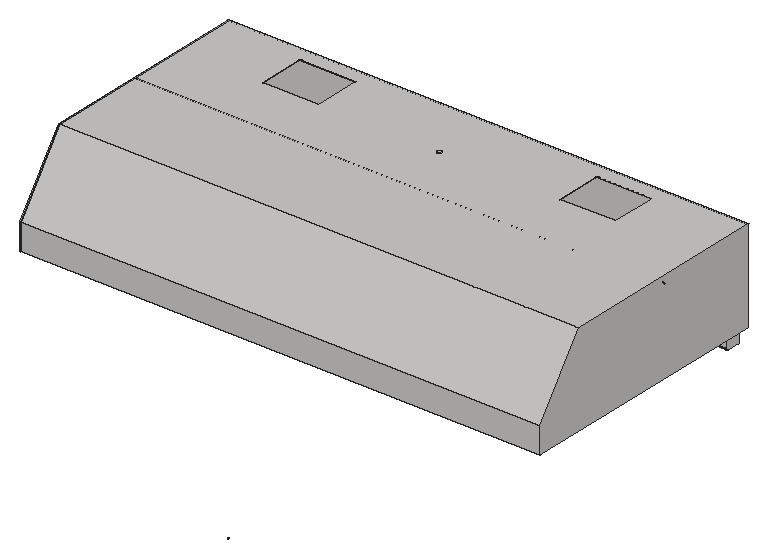
Revit family "QF_ELECTROLUXPROFESSIONAL_644232_ABPV1428BT", category Specialty Equipment, Revit 2014
Reference planes
  plane 1: z = 0
  plane 2 "Center (Left/Right)": x = 150
  plane 3 "LEFT": x = -1250
  plane 4 "RIGHT": x = 1550
  plane 5 "BACK": y = 550
  plane 6 "TOP": z = 2500
  plane 7 "Base": z = 2000
  plane 8: z = 1926
  plane 9 "DrainY": y = 485
  plane 10: x = -1247
  plane 11: through (0, 414.509, 2000.8) normal (0, 0.7314, 0.682)
  plane 12: y = 470
  plane 13: y = 220
  plane 14 "DrainX": x = 1430
  plane 15: x = -500
  plane 16: x = 800
  plane 17: x = -800
  plane 18: x = 1100
  plane 19: x = 1547
  plane 20: x = 1340
  plane 21: x = 1520
  plane 22: x = -1210
  plane 23: x = -845
  plane 24: x = -450
  plane 25: x = 1510
  plane 26: x = 1145
  plane 27: x = 750
  plane 28: z = 2140
  plane 29: y = -590
  plane 30 "Center (Front/Back)": y = -150
  plane 31 "Front": y = -850
Forms (mm)
  Extrusion 1, solid, material "QF_Finishes_Stainless Steel"
    sketch origin (-1250, 0, 360) x (0, 1, 0) y (0, 0, 1)
      loop
        line (550, 1640) -> (550, 2140) -> (-590, 2140) -> (-850, 1780) -> (-850, 1640) -> (550, 1640)
    from 0 to 3
  Extrusion 2, solid, material "QF_Finishes_Stainless Steel"
    sketch origin (150, 0, 360) x (0, 1, 0) y (0, 0, 1)
      loop
        line (415.255, 1640) -> (550, 1640) -> (550, 2139.19) -> (549.2, 2139.19) -> (549.2, 1640.8) -> (415.876, 1640.8) -> (339.347, 1722.867) -> (349.609, 1732.436) -> (348.927, 1733.167) -> (337.934, 1722.917) -> (415.255, 1640)
      loop
        line (-82.203, 2139.19) -> (-82.203, 2118.6) -> (-31.047, 2118.6) -> (34.354, 2048.466) -> (46.028, 2059.352) -> (45.346, 2060.083) -> (34.403, 2049.879) -> (-30.612, 2119.6) -> (-81.203, 2119.6) -> (-81.203, 2139.19) -> (-82.203, 2139.19)
    from -1397 to 1397
  Extrusion 3, solid, material "QF_Finishes_Stainless Steel"
    sketch origin (1550, 0, 360) x (0, 1, 0) y (0, 0, 1)
      loop
        line (550, 1640) -> (550, 2140) -> (-590, 2140) -> (-850, 1780) -> (-850, 1640) -> (550, 1640)
    from 0 to -3
  Extrusion 4, solid, material "QF_Finishes_Stainless Steel"
    sketch origin (150, 0, 360) x (0, 1, 0) y (0, 0, 1)
      loop
        line (550, 2139.19) -> (550, 2140) -> (-590, 2140) -> (-850, 1780) -> (-850, 1640) -> (-849.2, 1640) -> (-849.2, 1779.741) -> (-589.598, 2139.19) -> (550, 2139.19)
    from -1400 to 1400
  Extrusion 5, solid, material "QF_Finishes_Stainless Steel"
    sketch origin (150, 0, 360) x (0, 1, 0) y (0, 0, 1)
      loop
        line (534, 1640) -> (436, 1640) -> (436, 1627) -> (443.5, 1627) -> (443.5, 1576)
        arc (443.5, 1576) -> (446.429, 1568.929) -> (453.5, 1566) r 10
        line (453.5, 1566) -> (516.5, 1566)
        arc (516.5, 1566) -> (523.571, 1568.929) -> (526.5, 1576) r 10
        line (526.5, 1576) -> (526.5, 1627) -> (534, 1627) -> (534, 1640)
    from 1190 to 1370
  Extrusion 6, solid, material "QF_Finishes_Stainless Steel"
    sketch origin (0, 0, 2000) x (0, 1, 0) y (-1, 0, 0)
      loop
        circle (485, -1430) r 20
    from -76 to -74
  Extrusion 7, solid, material "QF_Finished_Chrome"
    sketch origin (150, 0, 360) x (0, 1, 0) y (0, 0, 1)
      loop
        line (337.934, 1722.917) -> (341.591, 1726.327) -> (38.011, 2051.876) -> (34.354, 2048.466) -> (337.934, 1722.917)
    from -995 to -1360
  Extrusion 8, solid, material "QF_Finished_Chrome"
    sketch origin (150, 0, 360) x (0, 1, 0) y (0, 0, 1)
      loop
        line (337.934, 1722.917) -> (341.591, 1726.327) -> (38.011, 2051.876) -> (34.354, 2048.466) -> (337.934, 1722.917)
    from 600 to -600
  Extrusion 9, solid, material "QF_Finishes_Stainless Steel"
    sketch origin (150, 0, 360) x (0, 1, 0) y (0, 0, 1)
      loop
        line (337.934, 1722.917) -> (341.591, 1726.327) -> (38.011, 2051.876) -> (34.354, 2048.466) -> (337.934, 1722.917)
    from 1397 to 1360
  Extrusion 10, solid, material "QF_Finishes_Stainless Steel"
    sketch origin (150, 0, 360) x (0, 1, 0) y (0, 0, 1)
      loop
        line (341.588, 1726.324) -> (38.009, 2051.874) -> (34.354, 2048.466) -> (337.934, 1722.917) -> (341.588, 1726.324)
    from -995 to -600
  Extrusion 11, solid, material "QF_Finished_Chrome"
    sketch origin (150, 0, 360) x (0, 1, 0) y (0, 0, 1)
      loop
        line (341.588, 1726.324) -> (38.009, 2051.874) -> (34.354, 2048.466) -> (337.934, 1722.917) -> (341.588, 1726.324)
    from 995 to 1360
  Extrusion 12, void
    sketch origin (0, 0, 2500) x (0, 1, 0) y (-1, 0, 0)
      loop
        line (470, 800) -> (220, 800) -> (220, 500) -> (470, 500) -> (470, 800)
    from 0 to -10
  Extrusion 13, void
    sketch origin (940, 0, 2500) x (0, 1, 0) y (-1, 0, 0)
      loop
        line (470, 140) -> (220, 140) -> (220, -160) -> (470, -160) -> (470, 140)
    from 0 to -10
  Extrusion 14, solid, material "QF_Finishes_Stainless Steel"
    sketch origin (0, 0, 0) x (1, 0, 0) y (0, 1, 0)
      loop
        line (-1250, 550) -> (-1250, 549) -> (-1249, 549) -> (-1249, 550) -> (-1250, 550)
    from 0 to 1
  Extrusion 15, solid, material "QF_Finishes_Stainless Steel"
    sketch origin (150, 0, 360) x (0, 1, 0) y (0, 0, 1)
      loop
        line (337.934, 1722.917) -> (341.591, 1726.327) -> (38.011, 2051.876) -> (34.354, 2048.466) -> (337.934, 1722.917)
    from -1360 to -1397
  Extrusion 16, solid, material "QF_Finishes_Stainless Steel"
    sketch origin (150, 0, 360) x (0, 1, 0) y (0, 0, -1)
      loop
        line (341.588, -1726.324) -> (337.934, -1722.917) -> (34.354, -2048.466) -> (38.009, -2051.874) -> (341.588, -1726.324)
    from -995 to -600
  Extrusion 17, solid, material "QF_Finishes_Stainless Steel"
    sketch origin (0, 0, 2500) x (0, 1, 0) y (-1, 0, 0)
      loop
        circle (220, -150) r 10
    from 0 to 1.6
Cuts and joins
  Extrusion 12, Extrusion 13 cuts Extrusion 4
  joined: Extrusion 2, Extrusion 4
Lines and regions (mm)
  reference lines
    curve 1: line (150, 34.354, 2408.466) -> (150, 34.354, 2248.466)
  symbolic lines, style "SpecialityEquipment", detail levels coarse
    curve 2: line (1550, 550, 2500) -> (-1250, 550, 2500)
    curve 3: line (-1250, 550, 2500) -> (-1250, -850, 2500)
    curve 4: line (1550, -850, 2500) -> (1550, 550, 2500)
    curve 5: line (-1250, -850, 2500) -> (1550, -850, 2500)
    curve 6: line (-800, 220, 2500) -> (-500, 220, 2500)
    curve 7: line (-800, 470, 2500) -> (-800, 220, 2500)
    curve 8: line (-500, 470, 2500) -> (-800, 470, 2500)
    curve 9: line (-500, 220, 2500) -> (-500, 470, 2500)
    curve 10: line (800, 470, 2500) -> (800, 220, 2500)
    curve 11: line (800, 220, 2500) -> (1100, 220, 2500)
    curve 12: line (1100, 470, 2500) -> (800, 470, 2500)
    curve 13: line (1100, 220, 2500) -> (1100, 470, 2500)
    curve 14: line (-1250, -590, 0) -> (1550, -590, 0)
    curve 15: line (-1250, 550, 0) -> (1550, -590, 0)
    curve 16: line (1550, 550, 0) -> (-1250, -590, 0)
Dimensions and locks
  plane 3 "LEFT" to plane 4 "RIGHT" = 2800 mm
  equal spacing: plane 3 "LEFT", plane 2 "Center (Left/Right)", plane 4 "RIGHT"
  locked: plane 6 "TOP" to plane 7 "Base" at 500
  plane 7 "Base" to plane 8 = 74 mm
  plane 5 "BACK" to plane 9 "DrainY" = 65 mm  (x2)
  plane 3 "LEFT" to plane 10 = 3 mm
  plane 5 "BACK" to plane 12 = 80 mm
  plane 12 to plane 13 = 250 mm  (x2)
  plane 14 "DrainX" to plane 4 "RIGHT" = 120 mm
  locked: plane 15 to plane 16 at 1300
  equal spacing: plane 15, plane 2 "Center (Left/Right)", plane 16
  plane 17 to plane 15 = 300 mm
  plane 16 to plane 18 = 300 mm
  plane 19 to plane 4 "RIGHT" = 3 mm
  locked: plane 20 to plane 14 "DrainX" at 90
  locked: plane 14 "DrainX" to plane 21 at 90
  plane 12 to plane 5 "BACK" = 80 mm
  locked: plane 3 "LEFT" to plane 22 at 40
  locked: plane 22 to plane 23 at 365
  locked: plane 23 to plane 24 at 395
  locked: plane 25 to plane 26 at 365
  locked: plane 26 to plane 27 at 395
  locked: plane 25 to plane 4 "RIGHT" at 40
  plane 24 to plane 27 = 1200 mm
  plane 28 to plane 7 "Base" = 140 mm
  locked: plane 7 "Base" to level at 2000
  plane 5 "BACK" to plane 31 "Front" = 1400 mm  (x2)
  equal spacing: plane 5 "BACK", plane 30 "Center (Front/Back)", plane 31 "Front"
  aligned and locked: level to plane 1
  aligned and locked: Extrusion 2 to Extrusion 1
  aligned and locked: Extrusion 2 to Extrusion 3
  aligned and locked: plane 4 "RIGHT" to Extrusion 4
  aligned and locked: Extrusion 4 to plane 3 "LEFT"
  aligned and locked: plane 19 to Extrusion 9
  aligned and locked: plane 17 to Extrusion 12
  aligned and locked: Extrusion 12 to plane 15
  aligned and locked: Extrusion 12 to plane 13
  aligned and locked: Extrusion 12 to plane 12
  aligned and locked: Extrusion 13 to plane 18
  aligned and locked: plane 16 to Extrusion 13
  aligned and locked: plane 21 to Extrusion 5
  aligned and locked: Extrusion 5 to plane 20
  aligned and locked: Extrusion 9 to plane 25
  aligned and locked: Extrusion 11 to plane 25
  aligned and locked: Extrusion 11 to plane 26
  aligned and locked: Extrusion 8 to plane 27
  aligned and locked: Extrusion 8 to plane 24
  aligned and locked: plane 24 to Extrusion 10
  aligned and locked: Extrusion 10 to plane 23
  aligned and locked: plane 23 to Extrusion 7
  aligned and locked: Extrusion 7 to plane 22
  aligned and locked: Extrusion 15 to plane 10
  aligned and locked: plane 22 to Extrusion 15
  aligned and locked: Extrusion 16 to plane 27
  aligned and locked: Extrusion 16 to plane 26
  aligned and locked: Extrusion 3 to plane 19
Automatic sketch dimensions
  Extrusion 2 sketch curve to plane 11 = 0 mm  (x3)
  Extrusion 2 sketch curve to plane 7 "Base" = 0 mm
  plane 11 to Extrusion 2 sketch curve = 0 mm
  Extrusion 2 sketch curve to plane 5 "BACK" = 0 mm
  Extrusion 2 sketch curve to Extrusion 2 sketch curve = 65.646 mm
  Extrusion 2 sketch curve to Extrusion 2 sketch curve = 0.682 mm  (x2)
  Extrusion 2 sketch curve to Extrusion 2 sketch curve = 10.261 mm
  plane 7 "Base" to Extrusion 2 sketch curve = 82.917 mm
  Extrusion 2 sketch curve to Extrusion 2 sketch curve = 10.942 mm
  Extrusion 2 sketch curve to Extrusion 2 sketch curve = 0.049 mm
  Extrusion 2 sketch curve to plane 6 "TOP" = 20.4 mm
  Extrusion 2 sketch curve to plane 6 "TOP" = 21.4 mm
  Extrusion 2 sketch curve to plane 6 "TOP" = 0.81 mm  (x2)
  Extrusion 2 sketch curve to Extrusion 2 sketch curve = 50.156 mm
  Extrusion 2 sketch curve to Extrusion 2 sketch curve = 1 mm
  plane 7 "Base" to Extrusion 2 sketch curve = 0.8 mm
  Extrusion 2 sketch curve to plane 5 "BACK" = 0.8 mm
  curve 1 to plane 11 = 0 mm
  Extrusion 5 sketch curve to plane 7 "Base" = 0 mm
  Extrusion 5 sketch curve to plane 8 = 0 mm
  Extrusion 5 sketch curve to plane 7 "Base" = 13 mm  (x2)
  plane 12 to Extrusion 5 sketch curve = 34 mm
  Extrusion 5 sketch curve to Extrusion 5 sketch curve = 7.5 mm  (x2)
  Extrusion 5 sketch curve to Extrusion 5 sketch curve = 10 mm
  plane 9 "DrainY" to Extrusion 5 sketch curve = 31.5 mm
  Extrusion 5 sketch curve to plane 5 "BACK" = 23.5 mm
  Extrusion 6 sketch curve to plane 9 "DrainY" = 0 mm
  Extrusion 6 sketch curve to plane 14 "DrainX" = 0 mm
  Extrusion 7 sketch curve to plane 11 = 0 mm  (x2)
  Extrusion 7 sketch curve to Extrusion 7 sketch curve = 3.657 mm
  plane 7 "Base" to Extrusion 7 sketch curve = 82.917 mm
  Extrusion 8 sketch curve to plane 11 = 0 mm  (x2)
  Extrusion 8 sketch curve to Extrusion 8 sketch curve = 3.657 mm
  plane 7 "Base" to Extrusion 8 sketch curve = 82.917 mm
  Extrusion 9 sketch curve to plane 11 = 0 mm  (x2)
  Extrusion 9 sketch curve to Extrusion 9 sketch curve = 3.657 mm
  plane 7 "Base" to Extrusion 9 sketch curve = 82.917 mm
  Extrusion 10 sketch curve to plane 11 = 0 mm  (x2)
  Extrusion 10 sketch curve to Extrusion 10 sketch curve = 3.655 mm
  plane 7 "Base" to Extrusion 10 sketch curve = 82.917 mm
  Extrusion 11 sketch curve to plane 11 = 0 mm  (x2)
  Extrusion 11 sketch curve to Extrusion 11 sketch curve = 3.655 mm
  plane 7 "Base" to Extrusion 11 sketch curve = 82.917 mm
  Extrusion 12 sketch curve to plane 13 = 0 mm
  plane 12 to Extrusion 12 sketch curve = 0 mm
  Extrusion 12 sketch curve to plane 15 = 0 mm
  Extrusion 12 sketch curve to plane 17 = 0 mm
  Extrusion 13 sketch curve to plane 13 = 0 mm
  plane 12 to Extrusion 13 sketch curve = 0 mm
  Extrusion 13 sketch curve to plane 18 = 0 mm
  Extrusion 13 sketch curve to plane 16 = 0 mm
  Extrusion 14 sketch curve to plane 3 "LEFT" = 0 mm
  Extrusion 14 sketch curve to plane 5 "BACK" = 0 mm
  plane 3 "LEFT" to Extrusion 14 sketch curve = 1 mm
  Extrusion 14 sketch curve to plane 5 "BACK" = 1 mm
  Extrusion 15 sketch curve to plane 11 = 0 mm  (x2)
  Extrusion 15 sketch curve to Extrusion 15 sketch curve = 3.657 mm
  plane 7 "Base" to Extrusion 15 sketch curve = 82.917 mm
  Extrusion 16 sketch curve to plane 11 = 0 mm  (x2)
  Extrusion 16 sketch curve to Extrusion 16 sketch curve = 3.655 mm
  plane 7 "Base" to Extrusion 16 sketch curve = 82.917 mm
  curve 1 to curve 1 = 160 mm
  Extrusion 4 sketch curve to plane 6 "TOP" = 0 mm
  Extrusion 4 sketch curve to plane 29 = 0 mm
  Extrusion 4 sketch curve to plane 5 "BACK" = 0 mm
  Extrusion 4 sketch curve to plane 7 "Base" = 0 mm
  Extrusion 4 sketch curve to plane 28 = 0 mm
  Extrusion 4 sketch curve to plane 28 = 0.259 mm
  Extrusion 4 sketch curve to Extrusion 4 sketch curve = 0.81 mm
  Extrusion 4 sketch curve to plane 29 = 0.402 mm
  Extrusion 1 sketch curve to plane 6 "TOP" = 0 mm
  Extrusion 1 sketch curve to plane 29 = 0 mm
  Extrusion 1 sketch curve to plane 5 "BACK" = 0 mm
  Extrusion 1 sketch curve to plane 7 "Base" = 0 mm
  Extrusion 1 sketch curve to plane 28 = 0 mm
  Extrusion 3 sketch curve to plane 6 "TOP" = 0 mm
  Extrusion 3 sketch curve to plane 29 = 0 mm
  Extrusion 3 sketch curve to plane 5 "BACK" = 0 mm
  Extrusion 3 sketch curve to plane 7 "Base" = 0 mm
  Extrusion 3 sketch curve to plane 28 = 0 mm
  curve 16 to plane 3 "LEFT" = 0 mm
  curve 15 to plane 3 "LEFT" = 0 mm
  curve 16 to plane 4 "RIGHT" = 0 mm
  curve 14 to plane 4 "RIGHT" = 0 mm
  plane 29 to curve 14 = 0 mm
  curve 16 to plane 5 "BACK" = 0 mm
  curve 15 to plane 5 "BACK" = 0 mm
  Extrusion 17 sketch curve to plane 2 "Center (Left/Right)" = 0 mm
  Extrusion 17 sketch curve to plane 13 = 0 mm
  plane 29 to Extrusion 1 sketch curve = 260 mm
  plane 29 to Extrusion 3 sketch curve = 260 mm
  plane 29 to Extrusion 4 sketch curve = 259.2 mm
  Extrusion 4 sketch curve to Extrusion 4 sketch curve = 0.8 mm
  Extrusion 2 sketch curve to plane 6 "TOP" = 91.534 mm
  plane 28 to curve 1 = 108.466 mm
  Extrusion 7 sketch curve to plane 6 "TOP" = 88.124 mm
  Extrusion 8 sketch curve to plane 6 "TOP" = 88.124 mm
  Extrusion 9 sketch curve to plane 6 "TOP" = 88.124 mm
  Extrusion 10 sketch curve to plane 6 "TOP" = 88.126 mm
  Extrusion 11 sketch curve to plane 6 "TOP" = 88.126 mm
  Extrusion 15 sketch curve to plane 6 "TOP" = 88.124 mm
  Extrusion 16 sketch curve to plane 6 "TOP" = 88.126 mm
  curve 3 to plane 3 "LEFT" = 0 mm
  curve 3 to plane 31 "Front" = 0 mm
  curve 4 to plane 4 "RIGHT" = 0 mm
  curve 9 to plane 13 = 0 mm
  curve 10 to plane 13 = 0 mm
  plane 12 to curve 8 = 0 mm
  plane 12 to curve 12 = 0 mm
  curve 3 to plane 5 "BACK" = 0 mm
  curve 11 to plane 18 = 0 mm
  curve 10 to plane 16 = 0 mm
  curve 6 to plane 15 = 0 mm
  curve 6 to plane 17 = 0 mm
  radius of Extrusion 6 sketch curve = 20 mm
  radius of Extrusion 17 sketch curve = 10 mm
Connectors
  piping at (1430, 485, 1924), diameter 20
    settings: on Extrusion 6, index 1, connector inside diameter 609.6 mm, connector length 0 mm, flow factor 0, pipe flow 0.0 L/s, pressure drop 0.0 Pa, fitting loss kfactor 0, connector angle 0.00°, fixture units 0, engagement length 0 mm, angle of deflection 0.00°, flow configuration 1, flow direction 2, fitting loss method 0, system type 16, joint type 0, gender type 0, connector reference index -1, connector utility 0, adjustable connector no, is connector primary yes, connector description "Drain"
  hvac at (-650, 345, 2500)
    settings: on Extrusion 12, index 2, duct flow 0.0 L/s, flow factor 0, pres drop 0.0 Pa, loss coef 0, conn angle 0.00°, conn width 250 mm, conn height 300 mm, conn diameter 609.6 mm, duct sys type 3, conn prof type 1, flow config 1, flow direction 2, loss method 0, conn ref index -1, conn util no, is conn primary yes, conn desc "EXHAUST OUTLET"
  hvac at (950, 345, 2500)
    settings: on Extrusion 13, index 3, duct flow 0.0 L/s, flow factor 0, pres drop 0.0 Pa, loss coef 0, conn angle 0.00°, conn width 250 mm, conn height 300 mm, conn diameter 609.6 mm, duct sys type 3, conn prof type 1, flow config 1, flow direction 2, loss method 0, conn ref index -1, conn util no, is conn primary no, conn desc "EXHAUST OUTLET"
  electrical at (150, 220, 2501.6)
    settings: on Extrusion 17, index 4, voltage 0 V, apparent load 0 VA, apparent load phase1 0 VA, apparent load phase2 0 VA, apparent load phase3 0 VA, power factor 1, load classification "Other", number of poles 1, system type 30, power factor state 1, is connector primary yes, connector utility no, sub classification motor no, connector description "Electrical Connection"
